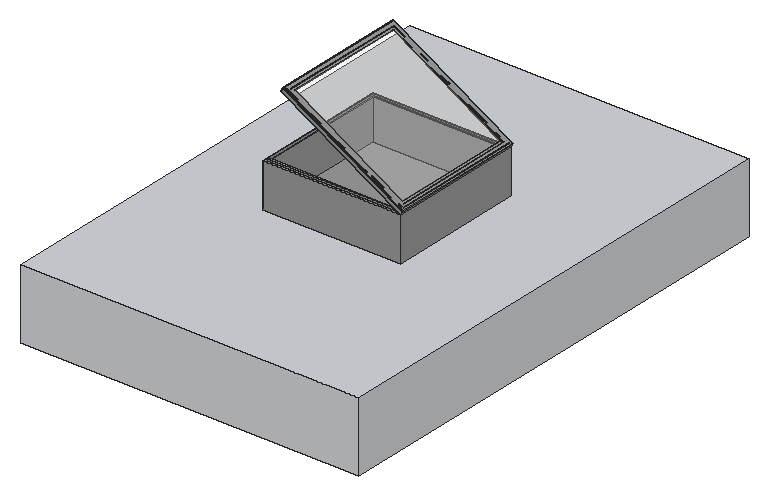
Revit family "Hager-Orion_Inox-IP66-D210-Cl.I-Inox_encl-630A-600mm-CH-en", category Equipement électrique, Revit 2020
Family settings
  Hôte = Face
  Configuration du panneau = Deux colonnes, circuits au sein
  Cote de connecteur circulaire = Utiliser le diamètre
  Type d'élément = Tableau de raccordement
  Couper avec des vides une fois chargée = Non
  Partagée = Non
  Point de calcul de pièce = Non
Parameters (values of type "Surface mounted (plaster) IP66 W600 H600 D210  - FL028TWL")
  Width Control [instance] = if([EF000008 - Width] > Min Width, [EF000008 - Width], Min Width)  # 600 mm
  Commentaires du type = [HG000003 - Range]  # "Orion Inox"
  Thickness Door [instance] = if([EF009171 - Material plate thickness door/cover] > 3 mm, 3 mm, [EF009171 - Material plate thickness door/cover])  # 1.5 mm
  Seal Frame Offset [instance] = 17 mm  # constant formula
  Model = ""
  Min Width [instance] = 100 mm  # constant formula
  Min Height [instance] = 100 mm  # constant formula
  Min Depth [instance] = (2 * [EF009170 - Material plate thickness cabinet]) + 1 mm  # 4 mm
  Internal Frame Depth [instance] = (Door System Depth * 0.5)  # 9 mm
  Height Control [instance] = if([EF000040 - Height] > Min Height, [EF000040 - Height], Min Height)  # 600 mm
  HG000027 - Plinth height = 0 mm
  HG000026 - Floor standing = no
  HG000024 - Bottom section height = 800 mm
  HG000023 - Double section enclosure = no
  HG000016 - Door 3d visibility [instance] = yes
  HG000015 - Clearance visibility [instance] = no
  HG000014 - Door on the right [instance] = yes
  HG000013 - Door on the left [instance] = not([HG000014 - Door on the right])  # no
  HG000012 - Door swing angle [instance] = 30.00°
  HG000010 - Asymmetric doors = no
  HG000009 - Double swing door = no
  HG000006 - Flush mounted = no
  HG000004 - Manufacturer reference = "FL028TWL"
  HG000003 - Range = "Orion Inox"
  HG000002 - With door or cover = yes
  Frame Offset Bottom [instance] = 10 mm  # constant formula
  Frame Offset [instance] = 15 mm  # constant formula
  EF015940 - Cover with overpressure release = no
  EF011959 - Degree of protection (NEMA) = ""
  EF009554 - Number of openings for flange plates = 0
  EF009212 - Cover model = "EV000116 - Closed"
  EF009171 - Material plate thickness door/cover = 1.5 mm
  EF009170 - Material plate thickness cabinet = 1.5 mm
  Fabricant = "Hager"  # constant formula
  EF008873 - Nominal current (In) = 630 A
  EF007800 - Suitable for lightning protection = no
  EF006306 - With lock = yes
  EF006244 - Transparent cover/door = yes
  EF005474 - Degree of protection (IP) = "EV006422 - IP66"
  EF004464 - Type of door = "EV002646 - Single"
  EF004427 - Number of modules = 0
  EF004293 - Impact strength = "EV006814 - IK08"
  EF003532 - Suitable for outdoor use = yes
  EF002950 - Width in number of modular spacings = 0
  EF001613 - Circuit integrity = "EV000494 - None"
  EF001596 - Material housing = "EV000166 - Stainless steel"
  EF001131 - Internal depth = 176 mm
  EF001088 - Extension possible = yes
  EF000437 - Number of conduit inlets = 0
  EF000339 - Type of cover = "EV004216 - Door"
  EF000266 - Number of rows = 0
  EF000218 - Built-in depth = 0 mm
  EF000118 - With mounting plate = no
  EF000116 - RAL-number = ""
  EF000049 - Depth = 210 mm
  EF000040 - Height = 600 mm
  EF000008 - Width = 600 mm
  EF000007 - Colour = "EV000154 - Other"
  EF000003 - Mounting method = "EV000384 - Surface mounted (plaster)"
  Door System Leaf Tolerance [instance] = 1.5 mm  # constant formula
  Door System Depth [instance] = 18 mm  # constant formula
  Depth Control [instance] = if([EF000049 - Depth] > Min Depth, [EF000049 - Depth], Min Depth)  # 210 mm
  Default Elevation = 0 mm
Types (12, lengths in mm): name | Width Control | HG000004 - Manufacturer reference | EF009212 - Cover model | EF006306 - With lock | EF006244 - Transparent cover/door | EF004293 - Impact strength | EF001613 - Circuit integrity | EF000008 - Width
  Surface mounted (plaster) IP66 W400 H600 D210  - FL025BWL | 400 | "FL025BWL" | "EV009916 - With notch" | no | no | "EV008784 - IK10" | "" | 400
  Surface mounted (plaster) IP66 W400 H600 D210  - FL025TW | 400 | "FL025TW" | "EV000116 - Closed" | yes | yes | "EV006814 - IK08" | "EV000494 - None" | 400
  Surface mounted (plaster) IP66 W400 H600 D210  - FL025TWL | 400 | "FL025TWL" | "EV000116 - Closed" | yes | yes | "EV006814 - IK08" | "EV000494 - None" | 400
  Surface mounted (plaster) IP66 W500 H600 D210  - FL027BW | 500 | "FL027BW" | "EV000116 - Closed" | yes | no | "EV008784 - IK10" | "EV000494 - None" | 500
  Surface mounted (plaster) IP66 W500 H600 D210  - FL027BWL | 500 | "FL027BWL" | "EV000116 - Closed" | yes | no | "EV008784 - IK10" | "EV000494 - None" | 500
  Surface mounted (plaster) IP66 W500 H600 D210  - FL027TW | 500 | "FL027TW" | "EV000116 - Closed" | yes | yes | "EV006814 - IK08" | "EV000494 - None" | 500
  Surface mounted (plaster) IP66 W500 H600 D210  - FL027TWL | 500 | "FL027TWL" | "EV000116 - Closed" | yes | yes | "EV006814 - IK08" | "EV000494 - None" | 500
  Surface mounted (plaster) IP66 W600 H600 D210  - FL025BW | 600 | "FL025BW" | "EV009916 - With notch" | no | no | "EV008784 - IK10" | "" | 600
  Surface mounted (plaster) IP66 W600 H600 D210  - FL028BW | 600 | "FL028BW" | "EV000116 - Closed" | yes | no | "EV008784 - IK10" | "EV000494 - None" | 600
  Surface mounted (plaster) IP66 W600 H600 D210  - FL028BWL | 600 | "FL028BWL" | "EV000116 - Closed" | yes | no | "EV008784 - IK10" | "EV000494 - None" | 600
  Surface mounted (plaster) IP66 W600 H600 D210  - FL028TW | 600 | "FL028TW" | "EV000116 - Closed" | yes | yes | "EV006814 - IK08" | "EV000494 - None" | 600
  Surface mounted (plaster) IP66 W600 H600 D210  - FL028TWL | 600 | "FL028TWL" | "EV000116 - Closed" | yes | yes | "EV006814 - IK08" | "EV000494 - None" | 600
Reference planes
  plane 1 "Center (Front/Back)": y = 0
  plane 2: z = 0
  plane 3 "Center (Left/Right)": x = 0
  plane 4: z = 210
  plane 5: y = 1.5
  plane 6: y = 300
  plane 7: y = 0
  plane 8: y = 600
  plane 9: z = 0
  plane 10: x = -285
  plane 11: x = 285
  plane 12: x = 283.5
  plane 13: x = -283.5
  plane 14: y = 598.5
  plane 15: x = -283
  plane 16: x = -300
  plane 17: x = 283
  plane 18: x = 300
  plane 19: x = 298.5
  plane 20: x = -298.5
  plane 21: y = 11.5
  plane 22: y = 600
  plane 23: y = 583.5
  plane 24: z = 192
  plane 25: z = 1.5
  plane 26: z = 190.5
  plane 27: z = 208.5
Forms (mm)
  Extrusion 1, solid
    sketch origin (0, 0, 0) x (1, 0, 0) y (0, 1, 0)
      loop
        line (-702.964, 1305) -> (-702.964, -811.445) -> (766.763, -811.445) -> (766.763, 1305) -> (-702.964, 1305)
    from 0 to -304.8
  Extrusion 2, solid, material "Hager_Stainless_Steel", detail levels medium+fine
    sketch origin (0, 0, 0) x (1, 0, 0) y (0, 1, 0)
      loop
        line (-300, 0) -> (300, 0) -> (300, 600) -> (-300, 600) -> (-300, 0)
    from 0 to 192
  Extrusion 3, solid, material "Hager_Steel_RAL 7035_Light_Grey", not visible, detail levels medium+fine
    sketch origin (0, 28.16, 50.802) x (0, 1, 0) y (0, 0, 1)
      loop
        line (323.34, -50.802) -> (323.34, 147.698)
        arc (323.34, 147.698) -> (320.411, 154.769) -> (313.34, 157.698) r 10
        line (313.34, 157.698) -> (283.34, 157.698) -> (283.34, -50.802) -> (323.34, -50.802)
    from -298.5 to 298.5
  Extrusion 4, void
    sketch origin (0, 0, 0) x (1, 0, 0) y (0, 1, 0)
      loop
        line (-298.5, 1.5) -> (298.5, 1.5) -> (298.5, 598.5) -> (-298.5, 598.5) -> (-298.5, 1.5)
    from 1.5 to 190.5
  Extrusion 5, void
    sketch origin (-381.607, -4572, 192) x (0, -1, 0) y (-1, 0, 0)
      loop
        line (-4583.5, -98.107) -> (-5155.5, -98.107) -> (-5155.5, -665.107) -> (-4583.5, -665.107) -> (-4583.5, -98.107)
    from 0 to 1.5 <- "EF009170 - Material plate thickness cabinet"
  Extrusion 6, solid, material "Hager_Stainless_Steel", detail levels fine
    sketch origin (-381.607, -4572, 192) x (-1, 0, 0) y (0, -1, 0)
      loop
        line (-98.107, -4583.5) -> (-665.107, -4583.5) -> (-665.107, -5155.5) -> (-98.107, -5155.5) -> (-98.107, -4583.5)
      loop
        line (-97.107, -4582) -> (-666.107, -4582) -> (-666.107, -5157) -> (-97.107, -5157) -> (-97.107, -4582)
    from 0 to 9 <- "Internal Frame Depth"
  Extrusion 7, solid, material "Hager_Stainless_Steel", detail levels coarse
    sketch origin (0, 0, 0) x (1, 0, 0) y (0, 1, 0)
      loop
        line (-300, 0) -> (300, 0) -> (300, 600) -> (-300, 600) -> (-300, 0)
    from 0 to 210
Cuts and joins
  Extrusion 4, Extrusion 5 cuts Extrusion 2
Lines and regions (mm)
  Masking region 1
    outline origin (0, 0, 0) x (1, 0, 0) y (0, 0, 1)
      loop
        line (-300, 210) -> (-300, 0) -> (300, 0) -> (300, 210) -> (-300, 210)
  Masking region 2, detail levels medium+fine
    outline origin (0, 140, 0) x (0, 1, 0) y (0, 0, 1)
      loop
        line (-140, 0) -> (460, 0) -> (460, 192) -> (-140, 192) -> (-140, 0)
  Masking region 3, not visible, detail levels medium+fine
    outline origin (0, 297.922, 0) x (0, 1, 0) y (0, 0, 1)
      loop
        line (13.578, 0) -> (53.578, 0) -> (53.578, 198.5)
        arc (53.578, 198.5) -> (50.649, 205.571) -> (43.578, 208.5) r 10
        line (43.578, 208.5) -> (13.578, 208.5) -> (13.578, 0)
  Masking region 4, detail levels coarse
    outline origin (0, 0, 180) x (0, 1, 0) y (0, 0, 1)
      loop
        line (0, -180) -> (600, -180) -> (600, 30) -> (0, 30) -> (0, -180)
  Masking region 5
    outline origin (-381.607, -4572, 192) x (-1, 0, 0) y (0, -1, 0)
      loop
        line (-81.607, -5172) -> (-81.607, -4572) -> (-681.607, -4572) -> (-681.607, -5172) -> (-81.607, -5172)
Dimensions and locks
  "Depth Control": plane 4 to Extrusion 1
  "EF009170 - Material plate thickness cabinet": plane 5 to plane 7
  locked: connector elem to plane 3 "Center (Left/Right)"
  equal spacing: plane 8, plane 6, plane 7
  locked: connector elem to plane 6
  "EF009170 - Material plate thickness cabinet": plane 8 to plane 14
  "EF009170 - Material plate thickness cabinet": plane 10 to plane 13
  "EF009170 - Material plate thickness cabinet": plane 12 to plane 11
  "Frame Offset": plane 20 to plane 13
  "Frame Offset": plane 12 to plane 19
  "EF009170 - Material plate thickness cabinet": plane 16 to plane 20
  "EF009170 - Material plate thickness cabinet": plane 19 to plane 18
  "Seal Frame Offset": plane 16 to plane 15
  "Seal Frame Offset": plane 17 to plane 18
  "Frame Offset Bottom": plane 21 to plane 5
  "Frame Offset": plane 14 to plane 23
  equal spacing: plane 16, plane 3 "Center (Left/Right)", plane 18
  "Width Control": plane 16 to plane 18
  "EF009170 - Material plate thickness cabinet": plane 4 to plane 27
  "EF009170 - Material plate thickness cabinet": plane 24 to plane 26
  "EF009170 - Material plate thickness cabinet": plane 25 to level
  "Door System Depth": plane 4 to plane 24
  "Height Control": plane 1 "Center (Front/Back)" to Extrusion 7 sketch curve
  "Height Control": Masking region 4 sketch curve to plane 1 "Center (Front/Back)"
  "Thickness Door": Extrusion 6 sketch curve to plane 15
  "Thickness Door": plane 21 to Extrusion 6 sketch curve
  "Thickness Door": plane 17 to Extrusion 6 sketch curve
  "Thickness Door": Extrusion 6 sketch curve to plane 23
  "Height Control": plane 1 "Center (Front/Back)" to plane 22
  radius of Masking region 3 sketch curve = 10 mm
  radius of Extrusion 3 sketch curve = 10 mm
  aligned and locked: plane 2 to Extrusion 1
  aligned and locked: level to Extrusion 1
  aligned and locked: level to Masking region 1 sketch curve
  aligned and locked: Masking region 1 sketch curve to plane 18
  aligned and locked: Masking region 1 sketch curve to plane 16
  aligned and locked: plane 7 to Masking region 2 sketch curve
  aligned and locked: level to Masking region 3 sketch curve
  aligned and locked: Masking region 3 sketch curve to plane 27
  aligned and locked: level to Masking region 2 sketch curve
  aligned and locked: Extrusion 2 sketch curve to plane 7
  aligned and locked: plane 16 to Extrusion 2 sketch curve
  aligned and locked: plane 18 to Extrusion 2 sketch curve
  aligned and locked: Extrusion 3 sketch curve to level
  aligned and locked: plane 27 to Extrusion 3 sketch curve
  aligned and locked: plane 20 to Extrusion 3
  aligned and locked: plane 19 to Extrusion 3
  aligned and locked: plane 20 to Extrusion 4 sketch curve
  aligned and locked: plane 19 to Extrusion 4 sketch curve
  aligned and locked: Extrusion 4 sketch curve to plane 5
  aligned and locked: Extrusion 4 to plane 25
  aligned and locked: plane 26 to Extrusion 4
  aligned and locked: plane 24 to Extrusion 2
  aligned and locked: Extrusion 5 sketch curve to plane 21
  aligned and locked: Extrusion 5 sketch curve to plane 13
  aligned and locked: Extrusion 5 sketch curve to plane 12
  aligned and locked: plane 18 to Extrusion 7 sketch curve
  aligned and locked: plane 1 "Center (Front/Back)" to Extrusion 7 sketch curve
  aligned and locked: plane 16 to Extrusion 7 sketch curve
  aligned and locked: plane 4 to Extrusion 7
  aligned and locked: Extrusion 7 to level
  aligned and locked: level to Masking region 4 sketch curve
  aligned and locked: Masking region 4 sketch curve to plane 1 "Center (Front/Back)"
  aligned and locked: Masking region 4 sketch curve to plane 4
  aligned and locked: nested 1 to level
  aligned and locked: nested 1 to plane 16
  aligned and locked: plane 8 to Extrusion 2 sketch curve
  aligned and locked: plane 23 to Extrusion 5 sketch curve
  aligned and locked: plane 14 to Extrusion 4 sketch curve
  aligned and locked: Extrusion 6 sketch curve to plane 21
  aligned and locked: plane 13 to Extrusion 6 sketch curve
  aligned and locked: plane 23 to Extrusion 6 sketch curve
  aligned and locked: plane 12 to Extrusion 6 sketch curve
  aligned and locked: Masking region 2 sketch curve to plane 8
  aligned and locked: Masking region 2 sketch curve to plane 24
  aligned and locked: nested 2 to plane 3 "Center (Left/Right)"
  aligned and locked: nested 2 to plane 24
  aligned and locked: Masking region 5 sketch curve to plane 1 "Center (Front/Back)"
  aligned and locked: Masking region 5 sketch curve to plane 18
  aligned and locked: Masking region 5 sketch curve to plane 22
  aligned and locked: Masking region 5 sketch curve to plane 16
  aligned and locked: plane 8 to plane 22
  aligned and locked: plane 7 to plane 1 "Center (Front/Back)"
  aligned and locked: nested 2 to plane 1 "Center (Front/Back)"
Automatic sketch dimensions
  Extrusion 1 sketch curve to Extrusion 1 sketch curve = 1469.727 mm
  Extrusion 1 sketch curve to Extrusion 1 sketch curve = 2116.445 mm
  plane 6 to Masking region 3 sketch curve = 11.5 mm
  Masking region 3 sketch curve to Masking region 3 sketch curve = 30 mm
  plane 6 to Extrusion 3 sketch curve = 11.5 mm
  Extrusion 3 sketch curve to Extrusion 3 sketch curve = 30 mm
  Masking region 1 sketch curve to plane 4 = 0 mm
Nested families
  nested 1: "Hager_Enclosure_Symbol" at (-300, 0, 0) x (1, 0, 0) z (0, -1, 0), Height <- "Depth Control", Width <- "Width Control", type "Hager_Enclosure_Symbol"
    with Width_Ctrl 600 mm, Width 600 mm, Height_Ctrl 210 mm, Height 210 mm, A_Width_Int 13.781 mm, A_Width 165.375 mm, A_Height_Ctrl 183.75 mm, A_Height 183.75 mm
  nested 2: "EC000058_OrionInox_Door" at (0, 600, 192) x (1, 0, 0) z (0, -1, 0), Leaf_Tolerance <- "Door System Leaf Tolerance", Angle <- "HG000012 - Door swing angle", Door_Depth <- "Door System Depth", Door_Left <- "HG000013 - Door on the left", Transparent <- "EF006244 - Transparent cover/door", Assymetrical <- "HG000010 - Asymmetric doors", Width <- "Width Control", Clearance <- "HG000015 - Clearance visibility", Double <- "HG000009 - Double swing door", 3d_Door <- "HG000016 - Door 3d visibility", Width_Ctrl <- "Width Control", Door_Right <- "HG000014 - Door on the right", Door <- "HG000002 - With door or cover", Height <- "Height Control", Thickness <- "Thickness Door", type "EC000058_OrionInox_Door", detail levels medium+fine
    with min_wh 4 mm, Width_Ctrl 600 mm, Width 600 mm, Transparent yes, Thickness 1.5 mm, Seal_Material Hager_Rubber, Leaf_Width 600 mm, Leaf_Tolerance_External_Sides 0 mm, Leaf_Tolerance 1.5 mm, Leaf_Offset 0 mm, Leaf_Height 597 mm, Leaf_2_Width 600 mm, Leaf_2_Offset 300 mm, Leaf_1_Width 600 mm, Leaf_1_Offset 300 mm, Height_Ctrl 600 mm, Height 600 mm, Glass_Material Hager_Glass, Double_Clearance_Ctrl no, Double no, Door_Right_Ctrl yes, Door_Right yes, Door_Material Hager_Stainless_Steel, Door_Left_Ctrl no, Door_Left no, Door_Depth 18 mm, Door yes, Clearance_Material Hager_Clearance, Clearance_Depth 600 mm, Clearance_Ctrl no, Clearance no, Assymetrical no, Angle 30.00°, 3d_Door yes
Connectors
  electrical at (0, 300, 0)
    settings: on plane 9, index 1, voltage 0 V, apparent load 0 VA, apparent load phase1 0 VA, apparent load phase2 0 VA, apparent load phase3 0 VA, power factor 1, load classification "Other", number of poles 1, system type 30, power factor state 1, is connector primary yes, connector utility no, sub classification motor no, connector description ""
Definition of nested family "EC000058_OrionInox_Door"
  Parameters (values of type "EC000058_OrionInox_Door")
    min_wh [instance] = (2 * Thickness) + 1 mm  # 11 mm
    Width_Ctrl [instance] = 400 mm
    Width [instance] = 500 mm
    Transparent [instance] = yes
    Thickness [instance] = 5 mm
    Seal_Material [instance] = none
    Leaf_Width [instance] = if((Width_Ctrl - 2 * Leaf_Tolerance_External_Sides) > 0 mm, (Width_Ctrl - 2 * Leaf_Tolerance_External_Sides), min_wh)  # 400 mm
    Leaf_Tolerance_External_Sides [instance] = 0 mm  # constant formula
    Leaf_Tolerance [instance] = 1.5 mm
    Leaf_Offset [instance] = 0 mm  # constant formula
    Leaf_Height [instance] = if((Height_Ctrl - 2 * Leaf_Tolerance) > 0 mm, (Height_Ctrl - 2 * Leaf_Tolerance), min_wh)  # 497 mm
    Leaf_2_Width [instance] = if(and(and(Double, Assymetrical), Door_Left), (Leaf_Width / 3) - (Leaf_Tolerance / 2), if(and(and(Double, Assymetrical), Door_Right), (Leaf_Width / 3) * 2 - (Leaf_Tolerance / 2), if(and(Double, not(Assymetrical)), (Leaf_Width / 2) - Leaf_Tolerance, Leaf_Width)))  # 400 mm
    Leaf_2_Offset [instance] = if(and(Double, Assymetrical), Leaf_2_Width / 2, if(and(Double, not(Assymetrical)), Leaf_Width / 4, Leaf_Width / 2))  # 200 mm
    Leaf_1_Width [instance] = if(and(and(Double, Assymetrical), Door_Right), (Leaf_Width / 3) - (Leaf_Tolerance / 2), if(and(and(Double, Assymetrical), Door_Left), (Width / 3) * 2 - (Leaf_Tolerance / 2), if(and(Double, not(Assymetrical)), (Leaf_Width / 2) - Leaf_Tolerance, Leaf_Width)))  # 400 mm
    Leaf_1_Offset [instance] = if(and(Double, Assymetrical), Leaf_1_Width / 2, if(and(Double, not(Assymetrical)), Leaf_Width / 4, Leaf_Width / 2))  # 200 mm
    Height_Ctrl [instance] = if(Height > min_wh, Height, min_wh)  # 500 mm
    Height [instance] = 500 mm
    Glass_Material [instance] = none
    Double_Clearance_Ctrl [instance] = and(Double, Clearance)  # no
    Double [instance] = no
    Door_Right_Ctrl [instance] = and(or(Door_Right, Double), Door)  # yes
    Door_Right [instance] = yes
    Door_Material [instance] = none
    Door_Left_Ctrl [instance] = and(or(Door_Left, Double), Door)  # no
    Door_Left [instance] = no
    Door_Depth [instance] = 30 mm
    Door [instance] = yes
    Default Elevation = 1219.2 mm
    Clearance_Material [instance] = none
    Clearance_Depth [instance] = if(Leaf_1_Width > Leaf_2_Width, Leaf_1_Width, Leaf_2_Width)  # 400 mm
    Clearance_Ctrl [instance] = and(not(Double), Clearance)  # yes
    Clearance [instance] = yes
    Assymetrical [instance] = yes
    Angle [instance] = 30.00°
    3d_Door [instance] = yes
  Reference planes
    plane 1 "Center (Front/Back)": y = 0
    plane 2 "Bottom": z = 0
    plane 3 "Center (Left/Right)": x = 0
    plane 4: z = 500
    plane 5: x = -200
    plane 6: x = 200
    plane 7: z = 500
    plane 8: x = -200
    plane 9: z = 0
    plane 10: x = 200
    plane 11: y = 0
    plane 12: z = 1.5
    plane 13: x = -600
    plane 14: y = -400
    plane 15: x = 600
    plane 16: x = 0
    plane 17: x = 0
    plane 18: x = -200
    plane 19: x = 200
    plane 20: z = 498.5
  Forms (mm)
    Extrusion 1, solid, material <- "Clearance_Material", visible <- "Double_Clearance_Ctrl"
      sketch origin (1200, 0, 0) x (1, 0, 0) y (0, 0, -1)
        loop
          line (-1800, -498.5) -> (-600, -498.5) -> (-600, 0) -> (-1800, 0) -> (-1800, -498.5)
      from 0 to -400
  Dimensions and locks
    equal spacing: plane 5, plane 3 "Center (Left/Right)", plane 6
    "Width_Ctrl": plane 5 to plane 6
    "Leaf_Offset": plane 5 to plane 8
    "Leaf_Offset": plane 6 to plane 10
    "Leaf_Offset": plane 9 to level
    "Leaf_Offset": plane 4 to plane 7
    "Height_Ctrl": plane 4 to level
    "Leaf_Tolerance": plane 12 to plane 9
    locked: plane 11 to plane 1 "Center (Front/Back)"
    "Leaf_1_Offset": plane 18 to plane 16
    "Leaf_2_Offset": plane 17 to plane 19
    "Leaf_1_Width": plane 13 to plane 8
    "Leaf_2_Width": plane 10 to plane 15
    "Clearance_Depth": plane 14 to plane 1 "Center (Front/Back)"
    "Leaf_Tolerance_External_Sides": plane 8 to plane 18
    "Leaf_Tolerance_External_Sides": plane 19 to plane 10
    "Leaf_Tolerance": plane 7 to plane 20
    aligned and locked: level to plane 2 "Bottom"
    aligned and locked: nested 1 to plane 16
    aligned and locked: nested 2 to plane 17
    aligned and locked: Extrusion 1 to plane 13
    aligned and locked: plane 15 to Extrusion 1
    aligned and locked: Extrusion 1 to plane 14
    aligned and locked: plane 12 to nested 1
    aligned and locked: nested 2 to plane 12
    aligned and locked: Extrusion 1 to plane 11
    aligned and locked: plane 20 to Extrusion 1
    aligned and locked: nested 2 to plane 11
    aligned and locked: nested 1 to plane 11
  Automatic sketch dimensions
    Extrusion 1 sketch curve to level = 0 mm
    plane 5 to Extrusion 1 sketch curve = 400 mm
    plane 6 to Extrusion 1 sketch curve = 400 mm
    Extrusion 1 sketch curve to plane 4 = 1.5 mm
  Nested families
    nested 1: "EC000058_OrionInox_Door_Leaf" at (0, 0, 1.5), Width <- "Leaf_1_Width", visible <- "Door_Left_Ctrl", Leaf_Height <- "Leaf_Height", Angle <- "Angle", 3d_Door <- "3d_Door", Transparent <- "Transparent", Clearance Material <- "Clearance_Material", Clearance <- "Clearance_Ctrl", Door_Material <- "Door_Material", Glass_Material <- "Glass_Material", Door_Depth <- "Door_Depth", Seal_Material <- "Seal_Material", Thickness <- "Thickness", type "EC000058_OrionInox_Door_Leaf"
      with Width 400 mm, Transparent_Ctrl yes, Transparent yes, Thickness 5 mm, Standard no, Seal_Material none, Seal_D2 8 mm, Seal_D1 1 mm, Offset_Internal_Frame 10 mm, Lock_Width 28 mm, Lock_Thickness 2 mm, Lock_Radius 6 mm, Leaf_Height 497 mm, Internal_Seal_Thickness 8 mm, Internal_Seal_Depth_2 4.5 mm, Internal_Frame_Depth 25 mm, Glass_Thickness -1 mm, Glass_Offset -2 mm, Glass_Material none, Door_Material none, Door_Depth 30 mm, Clearance Material none, Clearance yes, Angle_Ctrl 30.00°, Angle 30.00°, 3d_Door yes
    nested 2: "EC000058_OrionInox_Door_Leaf" at (0, 0, 1.5) x (-1, 0, 0) z (0, 0, 1), Width <- "Leaf_2_Width", visible <- "Door_Right_Ctrl", Leaf_Height <- "Leaf_Height", Angle <- "Angle", 3d_Door <- "3d_Door", Transparent <- "Transparent", Clearance Material <- "Clearance_Material", Clearance <- "Clearance_Ctrl", Door_Material <- "Door_Material", Glass_Material <- "Glass_Material", Door_Depth <- "Door_Depth", Seal_Material <- "Seal_Material", Thickness <- "Thickness", type "EC000058_OrionInox_Door_Leaf"
      with Width 400 mm, Transparent_Ctrl yes, Transparent yes, Thickness 5 mm, Standard no, Seal_Material none, Seal_D2 8 mm, Seal_D1 1 mm, Offset_Internal_Frame 10 mm, Lock_Width 28 mm, Lock_Thickness 2 mm, Lock_Radius 6 mm, Leaf_Height 497 mm, Internal_Seal_Thickness 8 mm, Internal_Seal_Depth_2 4.5 mm, Internal_Frame_Depth 25 mm, Glass_Thickness -1 mm, Glass_Offset -2 mm, Glass_Material none, Door_Material none, Door_Depth 30 mm, Clearance Material none, Clearance yes, Angle_Ctrl 30.00°, Angle 30.00°, 3d_Door yes
  Definition of nested family "EC000058_OrionInox_Door_Leaf"
    Parameters (values of type "EC000058_OrionInox_Door_Leaf")
      Width [instance] = 450 mm
      Transparent_Ctrl [instance] = and(Transparent, [3d_Door])  # yes
      Transparent [instance] = yes
      Thickness [instance] = 5 mm
      Standard [instance] = and(not(Transparent), [3d_Door])  # no
      Seal_Material [instance] = none
      Seal_D2 [instance] = 8 mm  # constant formula
      Seal_D1 [instance] = 1 mm  # constant formula
      Offset_Internal_Frame [instance] = 10 mm  # constant formula
      Lock_Width [instance] = Door_Depth - Lock_Thickness  # 28 mm
      Lock_Thickness [instance] = 2 mm  # constant formula
      Lock_Radius [instance] = 6 mm  # constant formula
      Leaf_Height [instance] = 450 mm
      Internal_Seal_Thickness [instance] = 8 mm  # constant formula
      Internal_Seal_Depth_2 [instance] = 4.5 mm  # constant formula
      Internal_Frame_Depth [instance] = if(Door_Depth - Thickness > 5 mm, Door_Depth - Thickness, 5 mm)  # 25 mm
      Glass_Thickness [instance] = if(Thickness > 15 mm, Glass_Offset + 10 mm, -1 mm)  # -1 mm
      Glass_Offset [instance] = if(Thickness > 15 mm, -(Thickness + 10 mm) / 2, -2 mm)  # -2 mm
      Glass_Material [instance] = none
      Door_Material [instance] = none
      Door_Depth [instance] = 30 mm
      Default Elevation = 0 mm
      Clearance Material [instance] = none
      Clearance [instance] = yes
      Angle_Ctrl [instance] = if(Angle > 180.00°, 180.00°, Angle)  # 90.00°
      Angle [instance] = 90.00°
      3d_Door [instance] = yes
    Reference planes
      plane 1 "Center (Front/Back)": y = 0
      plane 2: z = 0
      plane 3 "Center (Left/Right)": x = 0
      plane 4: y = 450
      plane 5: x = -225
      plane 6: x = 225
      plane 7: x = -675
      plane 8: z = 450
      plane 9: z = 30
      plane 10: z = 420
      plane 11: x = 195
      plane 12: x = -195
      plane 13: y = -3
      plane 14: z = 107.833
      plane 15: y = -5
      plane 16: y = -223.314
      plane 17: x = -225
      plane 18: y = 30
    Forms (mm)
      Extrusion 1, solid, material <- "Clearance Material", visible <- "Clearance"
        sketch origin (0, 0, 0) x (1, 0, 0) y (0, 0, 1)
          loop
            line (-675, 450) -> (-675, 0) -> (225, 0) -> (225, 450) -> (-675, 450)
        from 0 to -450
      Extrusion 2, solid, material <- "Door_Material", visible <- "Standard", detail levels medium+fine
        sketch origin (-225, 0, 0) x (0, 1, 0) y (-1, 0, 0)
          loop
            line (0, 30) -> (0, 25) -> (450, 25) -> (450, 30) -> (0, 30)
        from 0 to 450 <- "Leaf_Height"
      Extrusion 3, solid, material <- "Door_Material", visible <- "Transparent_Ctrl", detail levels medium+fine
        sketch origin (-225, 0, 0) x (0, 1, 0) y (-1, 0, 0)
          loop
            line (0, 25) -> (450, 25) -> (450, 30) -> (0, 30) -> (0, 25)
        from 0 to 450 <- "Leaf_Height"
      Extrusion 4, void
        sketch origin (-250, 450, 0) x (0, 1, 0) y (0, 0, -1)
          loop
            line (-30, -420) -> (-30, -30) -> (-420, -30) -> (-420, -420) -> (-30, -420)
        from 0 to 5 <- "Thickness"
      Sweep 5, solid, material <- "Seal_Material", visible <- "Transparent_Ctrl", detail levels fine
        path in 3D
          loop
            line (-250, 30, 30) -> (-250, 30, 420) -> (-250, 420, 420) -> (-250, 420, 30) -> (-250, 30, 30)
        profile origin (-250, 225, 30) x (1, 0, 0) y (0, 0, 1)
          loop
            line (0, 0) -> (0, -8) -> (1, -8) -> (1, 0) -> (0, 0)
      Extrusion 6, solid, material <- "Glass_Material", visible <- "Transparent_Ctrl", detail levels medium+fine
        sketch origin (-255, 0, 0) x (0, 1, 0) y (0, 0, -1)
          loop
            line (420, -420) -> (420, -30) -> (30, -30) -> (30, -420) -> (420, -420)
        from -2 <- "Glass_Offset" to -1 <- "Glass_Thickness"
      Extrusion 7, solid, material <- "Door_Material", visible <- "3d_Door", detail levels medium+fine
        sketch origin (-250, 450, 0) x (0, -1, 0) y (0, 0, -1)
          loop
            line (0, -450) -> (450, -450) -> (450, 0) -> (0, 0) -> (0, -450)
          loop
            line (445, -5) -> (5, -5) -> (5, -445) -> (445, -445) -> (445, -5)
        from 0 to 25 <- "Internal_Frame_Depth"
      Sweep 8, solid, material <- "Seal_Material", visible <- "Transparent_Ctrl", detail levels fine
        path in 3D
          loop
            line (-250, 0, 0) -> (-250, 450, 0) -> (-250, 450, 450) -> (-250, 0, 450) -> (-250, 0, 0)
        profile origin (-250, 0, 225) x (1, 0, 0) y (0, 1, 0)
          loop
            line (0, 10) -> (2.975, 10)
            arc (2.975, 10) -> (4.053, 10.447) -> (4.5, 11.525) r 1.525
            line (4.5, 11.525) -> (4.5, 16.527)
            arc (4.5, 16.527) -> (4.069, 17.569) -> (3.027, 18) r 1.473
            line (3.027, 18) -> (0, 18) -> (0, 10)
    Cuts and joins
      Extrusion 4 cuts Extrusion 3
    Lines and regions (mm)
      Masking region 1, detail levels medium+fine
        outline origin (0, 0, 0) x (0, 1, 0) y (0, 0, 1)
          loop
            line (0, 0) -> (30, 0) -> (30, 450) -> (0, 450) -> (0, 0)
      Masking region 2, detail levels medium+fine
        outline origin (0, 0, 0) x (1, 0, 0) y (0, 0, 1)
          loop
            line (-225, 450) -> (-225, 0) -> (225, 0) -> (225, 450) -> (-225, 450)
      symbolic lines
        curve 1: line (225, 0, 0) -> (-675, 0, 0)
        curve 2: arc (225, 0, 0) -> (-225, 450, 0) -> (-675, 0, 0) r 450
        curve 4: line (-255, 0, 0) -> (-255, 450, 0)
      reference lines
        curve 3: line (-225, 0, 0) -> (-225, 450, 0)
      symbolic lines, detail levels medium+fine
        curve 5: line (-255, 450, 0) -> (-250, 450, 0)
        curve 7: line (-250, 0, 0) -> (-255, 0, 0)
        curve 8: line (-250, 0, 0) -> (-225, 0, 0)
        curve 9: line (-225, 0, 0) -> (-225, 450, 0)
        curve 10: line (-225, 450, 0) -> (-250, 450, 0)
      symbolic lines, detail levels fine
        curve 6: line (-250, 450, 0) -> (-250, 0, 0)
      sketch lines
        curve 11: line (-250, 0, 450) -> (-250, 0, 0)
        curve 12: line (-250, 450, 0) -> (-250, 0, 0)
        curve 13: line (-250, 450, 450) -> (-250, 450, 0)
        curve 14: line (-250, 0, 450) -> (-250, 450, 450)
        curve 15: line (-250, 420, 30) -> (-250, 30, 30)
        curve 16: line (-250, 30, 30) -> (-250, 30, 420)
        curve 17: line (-250, 420, 420) -> (-250, 420, 30)
        curve 18: line (-250, 30, 420) -> (-250, 420, 420)
      symbolic lines, visible <- "Transparent", detail levels medium+fine
        curve 19: line (-195, 0, 420) -> (195, 0, 420)
        curve 20: line (-195, 0, 30) -> (-195, 0, 420)
        curve 21: line (195, 0, 30) -> (-195, 0, 30)
        curve 22: line (195, 0, 420) -> (195, 0, 30)
    Dimensions and locks
      "Width": plane 1 "Center (Front/Back)" to plane 4
      equal spacing: plane 5, plane 3 "Center (Left/Right)", plane 6
      "Width": plane 5 to plane 6
      "Width": plane 7 to plane 5
      "Leaf_Height": plane 8 to level
      "Width": curve 5 to curve 3
      "Width": curve 3 to curve 3
      plane 8 to plane 10 = 30 mm
      plane 9 to level = 30 mm
      plane 12 to plane 5 = 30 mm
      plane 6 to plane 11 = 30 mm
      Extrusion 4 sketch curve to Extrusion 3 = 30 mm
      Extrusion 3 to Extrusion 4 sketch curve = 30 mm
      Extrusion 1 to Extrusion 4 sketch curve = 30 mm
      curve 3 to Extrusion 4 sketch curve = 30 mm
      Extrusion 4 sketch curve to cut or joined group of Extrusion 3, Extrusion 4 = 30 mm
      cut or joined group of Extrusion 3, Extrusion 4 to Extrusion 6 sketch curve = 30 mm
      cut or joined group of Extrusion 3, Extrusion 4 to Extrusion 4 sketch curve = 30 mm
      "Thickness": curve 6 to curve 4
      "Thickness": Extrusion 7 sketch curve to Extrusion 7 sketch curve  (x4)
      "Door_Depth": curve 4 to curve 3
      "Offset_Internal_Frame": profile plane to Sweep 8 sketch curve
      "Internal_Seal_Thickness": Sweep 8 sketch curve to Sweep 8 sketch curve
      "Internal_Seal_Depth_2": profile plane to Sweep 8 sketch curve
      "Seal_D1": profile plane to Sweep 5 sketch curve
      "Seal_D2": profile plane to Sweep 5 sketch curve
      "Thickness": Extrusion 2 sketch curve to Extrusion 2 sketch curve
      "Door_Depth": plane 18 to plane 1 "Center (Front/Back)"
      radius of Sweep 8 sketch curve = 1.525 mm
      radius of Sweep 8 sketch curve = 1.473 mm
      "Angle_Ctrl": angle plane 1 "Center (Front/Back)" to curve 3
      aligned and locked: level to plane 2
      aligned and locked: Extrusion 1 to curve 1
      aligned and locked: plane 6 to Extrusion 1
      aligned and locked: plane 1 "Center (Front/Back)" to Extrusion 1
      aligned and locked: plane 4 to Extrusion 1
      aligned and locked: plane 8 to Extrusion 1
      aligned and locked: curve 7 to Extrusion 2 sketch curve
      aligned and locked: curve 5 to Extrusion 2 sketch curve
      aligned and locked: curve 7 to Extrusion 3 sketch curve
      aligned and locked: Extrusion 3 sketch curve to curve 4
      aligned and locked: Extrusion 3 sketch curve to curve 6
      aligned and locked: Extrusion 3 sketch curve to curve 5
      aligned and locked: curve 9 to curve 3
      aligned and locked: Extrusion 7 sketch curve to cut or joined group of Extrusion 3, Extrusion 4  (x4)
      aligned and locked: plane 17 to curve 3
      aligned and locked: plane 1 "Center (Front/Back)" to curve 3
      aligned and locked: plane 17 to plane 5
      aligned and locked: Sweep 8 sketch curve to profile plane
      aligned and locked: Sweep 5 sketch curve to profile plane  (x2)
      aligned and locked: plane 1 "Center (Front/Back)" to Masking region 1 sketch curve
      aligned and locked: plane 18 to Masking region 1 sketch curve
      aligned and locked: level to Masking region 1 sketch curve
      aligned and locked: Masking region 1 sketch curve to plane 8
      aligned and locked: plane 17 to Masking region 2 sketch curve
      aligned and locked: level to Masking region 2 sketch curve
      aligned and locked: Masking region 2 sketch curve to plane 8
      aligned and locked: plane 12 to curve 20
      aligned and locked: plane 10 to curve 19
      aligned and locked: plane 11 to curve 22
      aligned and locked: plane 9 to curve 21
      aligned and locked: Extrusion 2 sketch curve to cut or joined group of Extrusion 3, Extrusion 4
    Automatic sketch dimensions
      plane 1 "Center (Front/Back)" to curve 2 = 0 mm
      curve 2 to plane 5 = 0 mm
      Extrusion 1 sketch curve to level = 0 mm
      Extrusion 1 sketch curve to plane 7 = 0 mm
      Extrusion 1 sketch curve to plane 6 = 0 mm
      Extrusion 1 sketch curve to plane 8 = 0 mm
      Extrusion 3 to Extrusion 6 sketch curve = 30 mm  (x4)
      Masking region 2 sketch curve to plane 6 = 0 mm
      curve 4 to curve 3 = 0 mm
Definition of nested family "Hager_Enclosure_Symbol"
  Parameters (values of type "Hager_Enclosure_Symbol")
    Width_Ctrl [instance] = if(Width > 1 mm, Width, 1 mm)  # 102.27 mm
    Width [instance] = 102.27 mm
    Height_Ctrl [instance] = if(Height > 1 mm, Height, 1 mm)  # 66.5 mm
    A_Width_Int [instance] = if(A_Width / 12 > 2 mm, A_Width / 12, 2 mm)  # 4.364 mm
    A_Width [instance] = if(A_Height_Ctrl * 0.9 > 2 mm, A_Height_Ctrl * 0.9, 2 mm)  # 52.369 mm
    A_Height_Ctrl [instance] = if(A_Height > 2 mm, A_Height, 2 mm)  # 58.188 mm
    Height [instance] = 66.5 mm
    A_Height [instance] = Height - (Height / 8)  # 58.188 mm
  Reference planes
    plane 1 "Centre (avant/arrière)": y = 0
    plane 2: z = 0
    plane 3 "Centre (gauche/droite)": x = 0
    plane 4: x = 52.369
    plane 5: y = 33.042
    plane 6: y = 41.77
    plane 7: y = 66.5
    plane 8: x = 26.184
    plane 9: y = 37.406
    plane 10: x = 102.27
    plane 11: y = 66.5
    plane 12: y = 8.313
  Lines and regions (mm)
    Filled region 1, type "Solid_Black", in view "Niveau de réf."
      outline origin (0, 0, 0) x (1, 0, 0) y (0, 1, 0)
        loop
          line (52.369, 66.5) -> (33.188, 54.536) -> (45.365, 45.006) -> (52.369, 66.5)
    Filled region 2, type "Solid_Black", in view "Niveau de réf."
      outline origin (0, 0, 0) x (1, 0, 0) y (0, 1, 0)
        loop
          line (0, 0) -> (102.27, 0) -> (102.27, 66.5) -> (0, 0)
    detail lines, in view "Niveau de réf."
      curve 1: line (0, 8.313, 0) -> (26.184, 41.77, 0)
      curve 2: line (26.184, 41.77, 0) -> (26.184, 33.042, 0)
      curve 3: line (26.184, 33.042, 0) -> (52.369, 66.5, 0)
  Dimensions and locks
    "A_Width": plane 3 "Centre (gauche/droite)" to plane 4
    equal spacing: plane 3 "Centre (gauche/droite)", plane 8, plane 4
    equal spacing: plane 6, plane 9, plane 5
    equal spacing: curve 3, Filled region 1 sketch curve, Filled region 1 sketch curve
    "Height_Ctrl": plane 1 "Centre (avant/arrière)" to plane 11
    "A_Height_Ctrl": plane 11 to plane 12
    equal spacing: plane 11, plane 9, plane 12
    "A_Width_Int": plane 6 to plane 9
    "Width_Ctrl": plane 3 "Centre (gauche/droite)" to plane 10
    angle Filled region 1 sketch curve to curve 3 = 20.00°
    angle curve 3 to Filled region 1 sketch curve = 20.00°
    locked: curve 3 to Filled region 1 sketch curve (angle 90.00°)
    aligned and locked: plane 10 to Filled region 2
    aligned and locked: plane 11 to Filled region 2 sketch curve
    aligned and locked: plane 10 to Filled region 2 sketch curve
    aligned and locked: plane 3 "Centre (gauche/droite)" to curve 1
    aligned and locked: plane 12 to curve 1
    aligned and locked: plane 7 to plane 11
  Automatic sketch dimensions
    Filled region 1 sketch curve to plane 4 = 0 mm
    Filled region 1 sketch curve to plane 7 = 0 mm
    plane 1 "Centre (avant/arrière)" to Filled region 2 sketch curve = 0 mm
    Filled region 2 sketch curve to plane 3 "Centre (gauche/droite)" = 0 mm
    curve 2 to plane 6 = 0 mm
    curve 2 to plane 8 = 0 mm
    curve 3 to plane 4 = 0 mm
    curve 2 to plane 5 = 0 mm
    curve 3 to plane 7 = 0 mm
